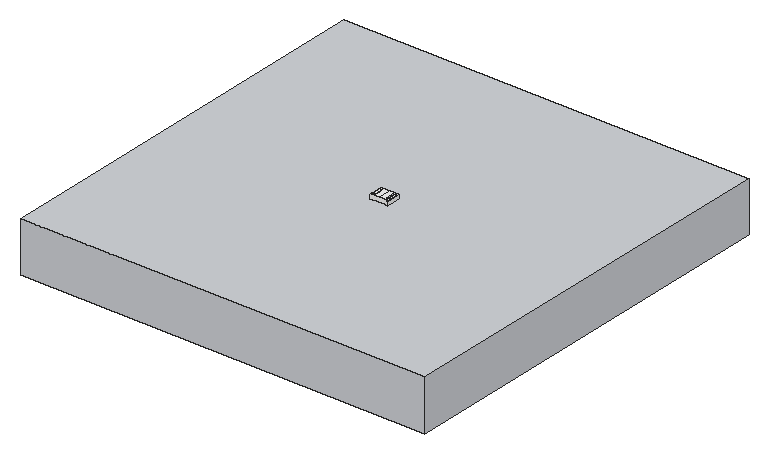
Revit family "Módulo para control de señales_Aguilera Electronica", category Dispositivos de alarma de incendios, Revit 2017
Family settings
  Anfitrión = Cara
  Mantener orientación de anotación = Sí
  Cota de conector redondo = Diámetro de uso
  Tipo de pieza = Normal
  Número OmniClass = 23.85.30.21
  Título OmniClass = Environmental Detection/Registration
  Corte con vacíos al cargar = No
  Compartido = No
  Punto de cálculo de habitación = No
Parameters (values of type "Módulo de 8 entradas para control de señales")
  URL = "http://aguilera.es/?productos=modulo-de-ocho-entradas-para-control-de-senales"
  Símbolo texto modelo = yes
  Símbolo = yes
  Modelo = "AE/SA-8E"
  Fabricante = "Aguilera Electrónica"  # constant formula
  Elevación por defecto = 1200 mm
  Diámetro tubo = 20 mm
  Descripción = "Unidad microprocesada direccionable fabricada por AGUILERA ELECTRÓNICA según norma EN 54-18:2003\r\nque gestiona la información de ocho entradas digitales.\r\nCon capacidad para personalizar hasta ocho equipos, identificar su ubicación e informar de los cambios\r\nde estado que se generen en cada uno de ellos. Cada entrada puede ser seleccionada para contacto\r\nabierto o cerrado.\r\n• Provisto de autoaislador que le aísla del resto de la instalación en caso de cortocircuito en su interior.\r\n• Conexión a 2 hilos con clemas extraíbles.\r\n• Alimentación: entre 18 y 27 Vcc.\r\n• Consumo: 1,1 mA en reposo y 1,3mA con las ocho entradas activadas.\r\n• Montado en caja de ABS de 105 x 82 x 25mm."
  Type Comments = ""
  8 entradas = yes
  2 entradas = no
Types (3, lengths in mm): name | URL | Modelo | Descripción | 8 entradas | 2 entradas
  (no name) | "http://aguilera.es/?productos=modulo-de-ocho-entradas-para-control-de-senales" | "AE/SA-8E" | "Unidad microprocesada direccionable fabricada por AGUILERA ELECTRÓNICA según norma EN 54-18:2003\r\nque gestiona la información de ocho entradas digitales.\r\nCon capacidad para personalizar hasta ocho equipos, identificar su ubicación e informar de los cambios\r\nde estado que se generen en cada uno de ellos. Cada entrada puede ser seleccionada para contacto\r\nabierto o cerrado.\r\n• Provisto de autoaislador que le aísla del resto de la instalación en caso de cortocircuito en su interior.\r\n• Conexión a 2 hilos con clemas extraíbles.\r\n• Alimentación: entre 18 y 27 Vcc.\r\n• Consumo: 1,1 mA en reposo y 1,3mA con las ocho entradas activadas.\r\n• Montado en caja de ABS de 105 x 82 x 25mm." | yes | no
  Módulo de 2 entradas para control de señales | "http://aguilera.es/?productos=modulo-de-dos-entradas-para-control-de-senales" | "AE/SA-2E" | "Unidad microprocesada direccionable fabricada por AGUILERA ELECTRÓNICA según norma EN 54-\r\n18 que gestiona la información de dos entradas digitales.\r\nApto para personalizar dos equipos, definir su ubicación y los cambios de estado en cada uno de ellos.\r\nPermite el control independiente en cada entrada y sus contactos son selecionables normalmente\r\nabierto o normalmente cerrado.\r\nPosee las mismas características que el modelo AE/SA-8E." | no | yes
  Módulo de 8 entradas para control de señales | "http://aguilera.es/?productos=modulo-de-ocho-entradas-para-control-de-senales" | "AE/SA-8E" | "Unidad microprocesada direccionable fabricada por AGUILERA ELECTRÓNICA según norma EN 54-18:2003\r\nque gestiona la información de ocho entradas digitales.\r\nCon capacidad para personalizar hasta ocho equipos, identificar su ubicación e informar de los cambios\r\nde estado que se generen en cada uno de ellos. Cada entrada puede ser seleccionada para contacto\r\nabierto o cerrado.\r\n• Provisto de autoaislador que le aísla del resto de la instalación en caso de cortocircuito en su interior.\r\n• Conexión a 2 hilos con clemas extraíbles.\r\n• Alimentación: entre 18 y 27 Vcc.\r\n• Consumo: 1,1 mA en reposo y 1,3mA con las ocho entradas activadas.\r\n• Montado en caja de ABS de 105 x 82 x 25mm." | yes | no
Reference planes
  plane 1 "Centro (Frontal/Posterior)": y = 0
  plane 2: z = 0
  plane 3 "Centro (Izquierda/Derecha)": x = 0
Forms (mm)
  Extrusion 1, solid
    sketch origin (0, 0, 0) x (1, 0, 0) y (0, 1, 0)
      loop
        line (-1219.2, 1219.2) -> (-1219.2, -1219.2) -> (1219.2, -1219.2) -> (1219.2, 1219.2) -> (-1219.2, 1219.2)
    from 0 to -304.8
  Extrusion 2, solid, material "ABS blanco"
    sketch origin (247.5, 0, 0) x (1, 0, 0) y (0, 0, 1)
      loop
        line (-300, 0) -> (-285, 0)
        arc (-285, 0) -> (-282.824, 1.248) -> (-280.468, 2.113) r 14.863
        line (-280.468, 2.113) -> (-247.5, 2.113) -> (-214.532, 2.113)
        arc (-214.532, 2.113) -> (-212.176, 1.248) -> (-210, 0) r 14.863
        line (-210, 0) -> (-195, 0) -> (-195, 18.612)
        arc (-195, 18.612) -> (-196.871, 23.129) -> (-201.388, 25) r 6.388
        line (-201.388, 25) -> (-247.5, 25) -> (-293.612, 25)
        arc (-293.612, 25) -> (-298.129, 23.129) -> (-300, 18.612) r 6.388
        line (-300, 18.612) -> (-300, 0)
    from -41 to 41
  Extrusion 3, void
    sketch origin (0, 0, 0) x (1, 0, 0) y (0, 1, 0)
      loop
        line (-52.5, 24.796) -> (-52.5, 23.627) -> (-34.278, 23.627) -> (-34.278, -23.627) -> (-52.5, -23.627) -> (-52.5, -24.796) -> (-32.968, -24.796) -> (-32.968, 24.796) -> (-52.5, 24.796)
      loop
        line (52.5, 24.796) -> (32.968, 24.796) -> (32.968, -24.796) -> (52.5, -24.796) -> (52.5, -23.627) -> (34.278, -23.627) -> (34.278, 23.627) -> (52.5, 23.627) -> (52.5, 24.796)
    from 21.624 to 25
  Extrusion 4, void
    sketch origin (0, 0, 0) x (1, 0, 0) y (0, 1, 0)
      loop
        line (49.644, -23.627) -> (52.5, -23.627) -> (52.5, 23.625) -> (49.644, 23.625) -> (49.644, -23.627)
      loop
        line (-49.644, -23.627) -> (-49.644, 23.625) -> (-52.5, 23.625) -> (-52.5, -23.627) -> (-49.644, -23.627)
    from 16.621 to 21.624
  Extrusion 5, solid, material "Negro", detail levels fine
    sketch origin (0, -5.623, 0) x (0, 1, 0) y (0, 0, 1)
      loop
        circle (0, 18.881) r 1.163
    from 49.644 to 51.745
  Extrusion 6, solid, material "Negro", visible <- "8 entradas", detail levels fine
    sketch origin (0, -16.66, 0) x (0, 1, 0) y (0, 0, 1)
      loop
        circle (0, 18.881) r 1.163
    from 49.644 to 51.745
  Extrusion 7, solid, material "Negro", visible <- "8 entradas", detail levels fine
    sketch origin (0, 5.412, 0) x (0, -1, 0) y (0, 0, -1)
      loop
        circle (0, -18.881) r 1.163
    from 49.644 to 51.745
  Extrusion 8, solid, material "Negro", visible <- "8 entradas", detail levels fine
    sketch origin (0, 16.449, 0) x (0, -1, 0) y (0, 0, -1)
      loop
        circle (0, -18.881) r 1.163
    from 49.644 to 51.745
  Extrusion 9, solid, material "Negro", detail levels fine
    sketch origin (0, -5.623, 0) x (0, 1, 0) y (0, 0, -1)
      loop
        circle (0, -18.881) r 1.163
    from 49.644 to 51.745
  Extrusion 10, solid, material "Negro", visible <- "8 entradas", detail levels fine
    sketch origin (0, -16.66, 0) x (0, 1, 0) y (0, 0, -1)
      loop
        circle (0, -18.881) r 1.163
    from 49.644 to 51.745
  Extrusion 11, solid, material "Negro", visible <- "8 entradas", detail levels fine
    sketch origin (0, 5.412, 0) x (0, -1, 0) y (0, 0, 1)
      loop
        circle (0, 18.881) r 1.163
    from 49.644 to 51.745
  Extrusion 12, solid, material "Negro", visible <- "8 entradas", detail levels fine
    sketch origin (0, 16.449, 0) x (0, -1, 0) y (0, 0, 1)
      loop
        circle (0, 18.881) r 1.163
    from 49.644 to 51.745
Cuts and joins
  Extrusion 3, Extrusion 4 cuts Extrusion 2
Dimensions and locks
  aligned and locked: plane 2 to Extrusion 1
  aligned and locked: level to Extrusion 1
  aligned and locked: Extrusion 2 to Extrusion 3
  aligned and locked: Extrusion 4 to Extrusion 3
Nested families
  nested 1: "S_Módulo para control de señales_Aguilera Electronica" at (0, 0, 0), visible <- "Símbolo", type "S_Módulo para control de señales_Aguilera Electronica"
Connectors
  cabletrayconduit at (16.484, 0, 2.113), diameter 20, driven by "Diámetro tubo", driven by "Modelo"
    settings: on cut or joined group of Extrusion 2, Extrusion 3, Extrusion 4, index 1, connector width 300 mm, connector height 300 mm, connector angle 0.00°, system type 32, placement type 0, profile type 0, connector reference index -1, is primary connector yes, connector utility param no, connector description "AE/SA-8E"
Definition of nested family "S_Módulo para control de señales_Aguilera Electronica"
  Parameters (values of type "S_Módulo para control de señales_Aguilera Electronica")
    Texto símbolo = "Módulo CS"
    Texto modelo = yes
    Modelo = "Módulo CS"
  Reference planes
    plane 1: y = 0
    plane 2: x = 0
  Lines and regions (mm)
    detail lines
      curve 1: line (-3.358, -2.749, 0) -> (3.358, -2.749, 0)
      curve 2: line (-3.358, 2.749, 0) -> (-3.358, -2.749, 0)
      curve 3: line (3.358, 2.749, 0) -> (-3.358, 2.749, 0)
      curve 4: line (3.358, -2.749, 0) -> (3.358, 2.749, 0)
  Text (mm)
    label "Texto símbolo" at (0.015, 1.109, 0), shows "Texto símbolo"
    label "Modelo" at (0.015, -1.385, 0), shows "Modelo", visible <- "Texto modelo"
